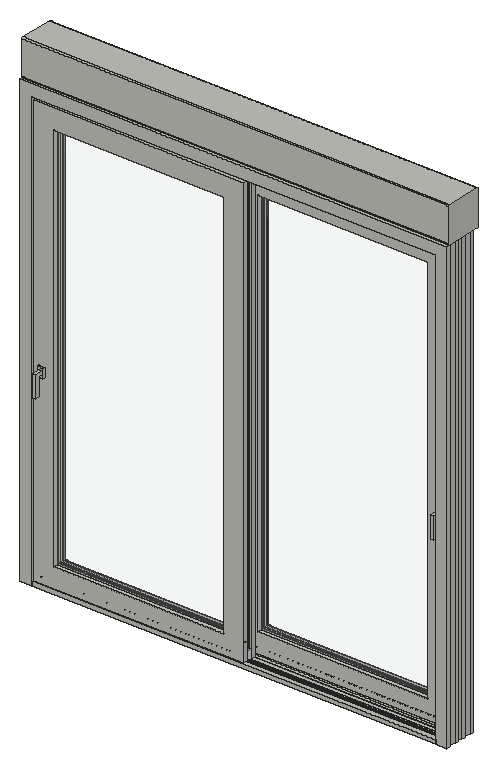
Revit family "2021_ES_Ventana_Replus_RE167-PVC-500_2H_cajón persiana", category Ventanas, Revit 2021
Family settings
  Anfitrión = Muro
  Número OmniClass = 23.30.20.00
  Título OmniClass = Windows
  Siempre vertical = Sí
  Corte con vacíos al cargar = No
  Compartido = No
  Punto de cálculo de habitación = No
Parameters (values of type "RE 167/PVC/500")
  Zona = ""
  Vida Util Esperada = ""
  Version Estandar GDO-BIM = "GDO-BIM V02"  # constant formula
  Version = "RVT2021"  # constant formula
  Verano de transmitancia termica = 0
  Unidad Medicion = ""
  Unidad = ""
  Uniclass2015 Titulo = ""
  Uniclass2015 Codigo = ""
  URL de Declaracion de Prestaciones = ""
  URL Producto = "https://replus.es/bim/"
  URL Perfil BIM = "https://bimetica.com/es/objeto-bim-replus-ventana-re167-pvc-500-2-hojas-correras-cajon-persiana-11120.html"
  URL = "https://replus.es/"
  UNSPSC Titulo = "Windows"
  UNSPSC Codigo = "30171600"
  Transmitancia termica invierno = 0
  Transmitancia solar = 0
  Transmitancia de ganancia de calor solar = 0
  Transmision de luz visible = 0
  Titular = "Regicarp, S.L."  # constant formula
  Tipo Embalaje Proteccion = ""
  Tiene antepecho interno = yes
  Tiene antepecho externo = yes
  Tiempo Util De Vida = ""
  Tiempo Medio Entre Fallos = ""
  Telefono Contacto = "+34 966544310"  # constant formula
  Soporte tecnico BIM = "https://bimsupport.info/es/fabricantes/regicarp-replus-bim/"
  Sistema = ""
  Serie = ""
  Salida de incendios = yes
  Responsable Seguridad = ""
  Responsable Prescripcion = ""
  Responsable Compra = ""
  Residuos Peligrosos por Unidad = 0
  Residuos No Peligrosos por Unidad = 0
  Residuo Radioactivo por Unidad = 0
  Residuo Inerte por Unidad = 0
  Reflectancia solar = 0
  Reflectancia de luz visible = 0
  Referencia Unidad Funcional = ""
  Referencia Lote = ""
  Referencia Contacto Soporte Tecnico = ""
  Referencia Contacto Comercial Venta = ""
  Referencia = "RE 167/PVC/500"
  Punto de Contacto = ""
  Proteccion con Malla = yes
  Profundidad = 0 mm
  Plataforma descaga contenido BIM = "www.bimetica.com"
  Peso = 0.00 kg
  Periodo Garantia = ""
  Partida URL = ""
  Pais de Venta = ""
  Omniclass Titulo = "Plastic Windows"
  Omniclass Codigo = "23-17 13 17"
  Numero de Licencia = "XXXXXXXXXX9500"  # constant formula
  Numero de Declaracion de Prestaciones = ""
  Numero Serie = ""
  Numero Articulo Global Comercial = ""
  Numero Articulo = ""
  Nivel de Riesgo = ""
  Material Vidrio = Glass - Replus
  Material Envoltura = ""
  Material Contenedor = ""
  Material = PVC - Replus - 9152 - White
  Masterformat Titulo = "Plastic Windows"
  Masterformat Codigo = "08 53 00"
  Marcado CE = yes
  Mantenimiento = ""
  Lugar Ensamblaje = ""
  Instrucciones Especiales = ""
  Informacion Tecnica = ""
  Infiltracion = 0
  IfcExportType = "Oscilobatiente"
  IfcExportAs = "IfcWindow"
  Identificador Garantia = ""
  Historial = "(RVT2021) Creacion de Elemento."  # constant formula
  Gubimclass Titulo = "Ventanas de fachadas"
  Gubimclass Codigo = "30.10.20.10"
  Grosor Marco = 60 mm  # constant formula
  Gas de Relleno = ""
  Garantia Extendida = yes
  Fuente Datos LCA = ""
  Fraccion del area de acristalamiento = 0
  Formacion Fotoquimica Ozono por Unidad = 0
  Fecha Vencimiento Elemento BIM = ""
  Fecha Suministro = ""
  Fecha Inicio Garantia = ""
  Fecha Fin Garantia = ""
  Fecha Evaluacion = ""
  Fecha Emision Elemento BIM = ""
  Fecha Compra = ""
  Fecha Colocacion = ""
  Fase Ciclo Vida = ""
  Falta de Recursos por Unidad = 0
  Fabricante = "Replus"
  Exclusiones = ""
  Eutrofizacion por Unidad = 0
  Etiqueta Modelo = ""
  Estandar seguridad = ""
  Espesor de vidrio 3 = 0 mm
  Espesor de vidrio 2 = 0 mm
  Espesor de vidrio 1 = 0 mm
  Espacio libre acceso = 0 mm
  Espacio = ""
  Es templado = yes
  Es recubierto = yes
  Es laminado = yes
  Es Motorizada = yes
  Es Exterior = yes
  Es Accesible = yes
  Energia consumida = 0
  Energia Renovable Consumida por Unidad = 0
  Energia Primaria Total Consumida por Unidad = 0
  Energia No Renovable Consumida por Unidad = 0
  Email Contacto = "info@replus.es"  # constant formula
  Destruccion Capa Ozono Estratosferica por Unidad = 0
  Desfase Interior = 0 mm
  Desfase Exterior = 167 mm
  Descripcion Evaluacion = ""
  Dependiente De = ""
  Definir propiedades térmicas por = Tipo esquemático
  Declaracion Ambiental de Producto URL = ""
  Código de montaje = "B2020100"
  Creditos LEED = ""
  Creditos BREEAM = ""
  Coste Mantenimiento = 0
  Cortahumos = yes
  Contenido Garantia = ""
  Contacto = ""
  Construcción analítica = "<Ninguno>"
  Condiciones de Venta = ""
  Condiciones Evaluacion = ""
  Color de vidrio = ""
  Coeficiente de sombreado = 0
  Codigo Barras = ""
  Codigo = ""
  Clasificacion higrotermica = ""
  Clasificacion de seguridad = ""
  Clasificacion de estanqueidad al agua = ""
  Clasificacion de carga mecanica = ""
  Clasificacion de carga de viento = ""
  Cierre automatico = yes
  Capas de vidrio = 0
  Cambio Climatico por Unidad = 0
  Calificacion de durabilidad = ""
  COBie Categoria = "IfcWindow"
  Base Precio Producto 03 = ""
  Base Precio Producto 02 = ""
  Base Precio Producto 01 = ""
  Autor = "Bimetica Parametric Design Services S.L."  # constant formula
  Ano Produccion = ""
  Anchura hoja = (Anchura - (2 mm * 73)) / 2 + 52.5 mm  # 1079.5 mm
  Rough Width = Anchura  # 2200 mm
  Altura ventana = Height - 185 mm  # 2315 mm
  Altura minima requerida = 0 mm
  Altura manilla = 1003.594 mm
  Altura hoja = Altura ventana - 25 mm - 73 mm  # 2217 mm
  Rough Height = Height  # 2500 mm
  Height = 2500 mm
  Default Sill Height = 0 mm
  Cierre de muro = Por anfitrión
  Anchura = 2200 mm
  Agua Consumida por Unidad = 0
  Acidificacion Atmosferica por Unidad = 0
  Acabado = ""
  Absorcion solar = 0
Reference planes
  plane 1 "Center (Front/Back)": y = 0
  plane 2 "Center (Left/Right)": x = 0
  plane 3 "Left": x = -1100
  plane 4 "Derecha": x = 1100
  plane 5 "Antepecho": z = 0
  plane 6 "Cabecera": z = 2315
  plane 7 "Exterior": y = 67
  plane 8 "Interior": y = -100
  plane 9 "Ventana": y = -100
  plane 10 "Centro (Alzado)": z = 1157.5
  plane 11 "Marco Derecha": x = 1040
  plane 12 "Marco Izquierda": x = -1040
  plane 13 "Marco Cabecera": z = 2255
  plane 14: z = 25
  plane 15: x = -1027
  plane 16: x = 1027
  plane 17: z = 2270
  plane 18: x = -53.5
  plane 19: x = 53.5
  plane 20: x = -486.75
  plane 21: x = 486.75
  plane 22: y = -64
  plane 23: y = 31
  plane 24: z = 1003.594
  plane 25: x = 1079.155
  plane 26: x = 986
  plane 27: x = -987
  plane 28: z = 2500
  plane 29: y = 97
Lines and regions (mm)
  Opening 1
    outline origin (3500, -100, 0) x (1, 0, 0) y (0, 0, 1)
      loop
        line (-2400, 0) -> (-2400, 2500) -> (-4600, 2500) -> (-4600, 0) -> (-2400, 0)
Text (mm)
  text "EXTERIOR" at (-1963.203, 1332.353, 0), in view "Ref. Level"
  text "INTERIOR" at (-1981.466, -818.386, 0), in view "Ref. Level"
  text "Exterior" at (0, 923.751, 2943.296), in view "Right"
  text "Exterior" at (0, 1040.484, 2685.409), in view "Left"
Dimensions and locks
  equal spacing: plane 3 "Left", plane 2 "Center (Left/Right)", plane 4 "Derecha"
  "Anchura": plane 3 "Left" to plane 4 "Derecha"
  plane 5 "Antepecho" to plane 28 = 2500 mm
  "Default Sill Height": plane 5 "Antepecho" to level
  "Desfase Exterior": plane 8 "Interior" to plane 7 "Exterior"
  "Desfase Interior": plane 8 "Interior" to host wall
  equal spacing: plane 5 "Antepecho", plane 10 "Centro (Alzado)", plane 6 "Cabecera"
  equal spacing: Opening 1 sketch curve, plane 2 "Center (Left/Right)", Opening 1 sketch curve
  "Rough Width": Opening 1 sketch curve to Opening 1 sketch curve
  equal spacing: Opening 1 sketch curve, plane 10 "Centro (Alzado)", Opening 1 sketch curve
  "Grosor Marco": plane 11 "Marco Derecha" to plane 4 "Derecha"
  "Grosor Marco": plane 3 "Left" to plane 12 "Marco Izquierda"
  "Grosor Marco": plane 13 "Marco Cabecera" to plane 6 "Cabecera"
  locked: plane 7 "Exterior" to plane 9 "Ventana" at 167
  locked: plane 5 "Antepecho" to plane 14 at 25
  locked: plane 17 to plane 6 "Cabecera" at 45
  equal spacing: plane 19, plane 2 "Center (Left/Right)", plane 18
  plane 19 to plane 2 "Center (Left/Right)" = 53.5 mm
  equal spacing: plane 19, plane 20, plane 15
  equal spacing: plane 16, plane 21, plane 18
  locked: plane 22 to plane 9 "Ventana" at 36
  locked: plane 23 to plane 7 "Exterior" at 36
  locked: plane 15 to plane 12 "Marco Izquierda" at 13
  locked: plane 16 to plane 11 "Marco Derecha" at 13
  "Altura manilla": plane 5 "Antepecho" to plane 24
  locked: plane 16 to plane 26 at 41
  locked: plane 27 to plane 15 at 40
  locked: plane 28 to plane 6 "Cabecera" at 185
  locked: plane 7 "Exterior" to plane 29 at 30
  "Height": plane 28 to plane 5 "Antepecho"
  aligned and locked: plane 9 "Ventana" to nested 1
  aligned and locked: plane 2 "Center (Left/Right)" to nested 1
  aligned and locked: plane 21 to nested 3
  aligned and locked: nested 2 to plane 22
  aligned and locked: plane 23 to nested 3
  aligned and locked: nested 2 to plane 14
  aligned and locked: plane 20 to nested 2
  aligned and locked: nested 3 to plane 14
  aligned and locked: plane 5 "Antepecho" to nested 1
  aligned and locked: plane 26 to nested 5
  aligned and locked: nested 5 to plane 24
  aligned and locked: nested 4 to plane 27
  aligned and locked: nested 4 to plane 24
  aligned and locked: nested 7 to plane 10 "Centro (Alzado)"
  aligned and locked: plane 20 to nested 7
  aligned and locked: plane 21 to nested 6
  aligned and locked: plane 10 "Centro (Alzado)" to nested 6
  aligned and locked: nested 8 to plane 4 "Derecha"
  aligned and locked: plane 28 to nested 8
  aligned and locked: plane 29 to nested 8
  aligned and locked: plane 5 "Antepecho" to Opening 1 sketch curve
  aligned and locked: Opening 1 sketch curve to plane 28
Nested families
  nested 1: "Marco RE167-PVC-500" at (0, -100, 0) x (-1, 0, 0) z (0, 0, 1), type "Marco RE167-PVC-500"
    with Anchura 2200 mm, Height 2315 mm
  nested 2: "Hoja RE167-PVC-500" at (-486.75, -64, 25), type "Hoja RE70-PVC-100"
  nested 3: "Hoja RE167-PVC-500" at (486.75, 31, 25), type "Hoja RE70-PVC-100"
  nested 4: "Handle" at (-987, -99, 1003.594) x (1, 0, 0) z (0, -1, 0), type "Handle"
  nested 5: "Handle" at (986, -4, 1003.594) x (1, 0, 0) z (0, -1, 0), type "Handle"
  nested 6: "Flecha_apertura" at (486.75, -100, 1157.5) x (1, 0, 0) z (0, -1, 0), type "Flecha_apertura"
  nested 7: "Flecha_apertura" at (-486.75, -100, 1157.5) x (-1, 0, 0) z (0, -1, 0), type "Flecha_apertura"
  nested 8: "Shutter Box - Replus" at (0, 4.5, 2315), type "Shutter Box - Replus"
    with Width 2200 mm
Definition of nested family "Marco RE167-PVC-500"
  Parameters (values of type "Marco RE167-PVC-500")
    Default Elevation = 0 mm
    Define Thermal Properties by = 1
    Analytic Construction = "<Ninguno>"
    Width = 2500 mm
    Height = 2200 mm
    AcabadoMarco = none
  Reference planes
    plane 1 "Centro (Frontal/Posterior)": y = 0
    plane 2: z = 0
    plane 3 "Centro (Izquierda/Derecha)": x = 0
    plane 4: x = -1250
    plane 5: x = 1250
    plane 6: z = 2200
    plane 7: x = -1190
    plane 8: x = 1190
    plane 9: z = 2146
  Forms (mm)
    Sweep 1, solid, material <- "AcabadoMarco", detail levels medium+fine
      path origin (0, 0, 0) x (1, 0, 0) y (0, 0, 1)
        loop
          line (-1250, 0) -> (-1250, 2200) -> (1250, 2200) -> (1250, 0)
      profile origin (0, 0, 2200) x (0, 0, 1) y (0, -1, 0)
        loop
          line (0, 0) -> (0, 15.2) -> (-7.001, 15.2) -> (-7.001, 54.8) -> (0, 54.8) -> (0, 70) -> (-7.001, 70) -> (-7.001, 97) -> (0, 97) -> (0, 112.2) -> (-7.001, 112.2) -> (-7.001, 151.8) -> (0, 151.8) -> (0, 166.997) -> (-60.01, 166.997) -> (-60.01, 140.846) -> (-70.839, 140.846) -> (-72.802, 144.246) -> (-77.002, 144.246) -> (-77.002, 117.746) -> (-72.802, 117.746) -> (-70.839, 121.146) -> (-60.01, 121.146) -> (-60.01, 45.851) -> (-70.839, 45.851) -> (-72.802, 49.251) -> (-77.002, 49.251) -> (-77.002, 22.751) -> (-72.802, 22.751) -> (-70.839, 26.151) -> (-60.01, 26.151) -> (-60.01, 0) -> (0, 0)
    Sweep 2, solid, material <- "AcabadoMarco", detail levels medium+fine
      path origin (0, 0, 0) x (1, 0, 0) y (0, 0, 1)
        loop
          line (-1190, 0) -> (1190, 0)
      profile origin (0, 0, 0) x (0, 0, 1) y (0, -1, 0)
        loop
          line (20, 0) -> (20, 24.919) -> (22, 26.074)
          arc (22, 26.074) -> (23.098, 27.172) -> (23.5, 28.672) r 3
          line (23.5, 28.672) -> (23.75, 33.419) -> (27.486, 33.419)
          arc (27.486, 33.419) -> (29.986, 35.919) -> (27.486, 38.419) r 2.5
          line (27.486, 38.419) -> (23.5, 38.419) -> (23.5, 43.167)
          arc (23.5, 43.167) -> (23.098, 44.667) -> (22, 45.765) r 3
          line (22, 45.765) -> (20, 46.919) -> (20, 70.919) -> (9.36, 70.919) -> (10.322, 88.812) -> (20, 94.4) -> (20, 119.992) -> (22.014, 121.154)
          arc (22.014, 121.154) -> (23.112, 122.252) -> (23.514, 123.752) r 3
          line (23.514, 123.752) -> (23.764, 128.5) -> (27.5, 128.5)
          arc (27.5, 128.5) -> (30, 131) -> (27.5, 133.5) r 2.5
          line (27.5, 133.5) -> (23.514, 133.5) -> (23.514, 138.247)
          arc (23.514, 138.247) -> (23.112, 139.747) -> (22.014, 140.845) r 3
          line (22.014, 140.845) -> (20, 142.008) -> (20, 167) -> (0, 167) -> (0, 0) -> (20, 0)
    Sweep 3, solid, material <- "AcabadoMarco", detail levels coarse
      path origin (0, 0, 0) x (1, 0, 0) y (0, 0, 1)
        loop
          line (-1250, 0) -> (-1250, 2200) -> (1250, 2200) -> (1250, 0)
      profile origin (0, 0, 2200) x (0, 0, 1) y (0, -1, 0)
        loop
          line (0, 0) -> (0, 166.997) -> (-73, 166.997) -> (-73, 0) -> (0, 0)
    Sweep 4, solid, material <- "AcabadoMarco", detail levels coarse
      path origin (0, 0, 0) x (1, 0, 0) y (0, 0, 1)
        loop
          line (-1190, 0) -> (1190, 0)
      profile origin (0, 0, 0) x (0, 0, 1) y (0, -1, 0)
        loop
          line (0, 0) -> (25, 0) -> (25, 167) -> (0, 167) -> (0, 0)
  Cuts and joins
    joined: Sweep 3, Sweep 4
  Dimensions and locks
    equal spacing: plane 5, plane 3 "Centro (Izquierda/Derecha)", plane 4
    "Width": plane 5 to plane 4
    "Height": plane 6 to plane 2
    locked: plane 7 to plane 4 at 60
    locked: plane 5 to plane 8 at 60
    locked: plane 6 to plane 9 at 54
    Sweep 1 to Sweep 1 = 166.997 mm
    aligned and locked: level to plane 2
    aligned and locked: plane 4 to Sweep 1 sketch curve
    aligned and locked: Sweep 1 sketch curve to plane 6
    aligned and locked: Sweep 1 sketch curve to plane 5
    aligned and locked: Sweep 2 sketch curve to plane 2
    aligned and locked: plane 7 to Sweep 2 sketch curve
    aligned and locked: plane 8 to Sweep 2 sketch curve
    aligned and locked: Sweep 3 sketch curve to plane 5
    aligned and locked: Sweep 3 sketch curve to plane 6
    aligned and locked: plane 4 to Sweep 3 sketch curve
    aligned and locked: Sweep 4 sketch curve to plane 2
    aligned and locked: plane 7 to Sweep 4 sketch curve
    aligned and locked: plane 8 to Sweep 4 sketch curve
  Automatic sketch dimensions
    Sweep 1 sketch curve to level = 0 mm  (x2)
    profile plane to Sweep 2 sketch curve = 0 mm
    Sweep 2 sketch curve to plane 1 "Centro (Frontal/Posterior)" = 0 mm
    Sweep 2 sketch curve to profile plane = 20 mm  (x3)
    Sweep 2 sketch curve to profile plane = 9.36 mm
    Sweep 2 sketch curve to profile plane = 10.322 mm
    Sweep 2 sketch curve to Sweep 2 sketch curve = 0.5 mm  (x2)
    Sweep 2 sketch curve to Sweep 2 sketch curve = 0.514 mm  (x2)
    Sweep 2 sketch curve to Sweep 2 sketch curve = 2 mm  (x2)
    Sweep 2 sketch curve to Sweep 2 sketch curve = 2.014 mm  (x2)
    Sweep 2 sketch curve to Sweep 2 sketch curve = 3 mm  (x4)
    Sweep 2 sketch curve to Sweep 2 sketch curve = 0.25 mm  (x2)
    Sweep 2 sketch curve to Sweep 2 sketch curve = 3.986 mm
    Sweep 2 sketch curve to Sweep 2 sketch curve = 3.736 mm
    Sweep 2 sketch curve to Sweep 2 sketch curve = 1.155 mm  (x2)
    Sweep 2 sketch curve to Sweep 2 sketch curve = 4.747 mm  (x4)
    Sweep 2 sketch curve to Sweep 2 sketch curve = 2.5 mm  (x2)
    Sweep 2 sketch curve to Sweep 2 sketch curve = 24 mm
    Sweep 2 sketch curve to Sweep 2 sketch curve = 17.893 mm
    Sweep 2 sketch curve to Sweep 2 sketch curve = 5.588 mm
    Sweep 2 sketch curve to Sweep 2 sketch curve = 25.592 mm
    Sweep 2 sketch curve to Sweep 2 sketch curve = 1.163 mm  (x2)
    Sweep 2 sketch curve to Sweep 2 sketch curve = 24.992 mm
    Sweep 1 sketch curve to plane 1 "Centro (Frontal/Posterior)" = 0 mm
    profile plane to Sweep 1 sketch curve = 0 mm  (x4)
    profile plane to Sweep 1 sketch curve = 7.001 mm  (x3)
    Sweep 1 sketch curve to Sweep 1 sketch curve = 53.009 mm
    Sweep 1 sketch curve to Sweep 1 sketch curve = 10.829 mm  (x3)
    Sweep 1 sketch curve to Sweep 1 sketch curve = 1.963 mm  (x4)
    plane 1 "Centro (Frontal/Posterior)" to Sweep 1 sketch curve = 22.751 mm
    Sweep 1 sketch curve to Sweep 1 sketch curve = 4.2 mm  (x4)
    plane 1 "Centro (Frontal/Posterior)" to Sweep 1 sketch curve = 15.2 mm
    Sweep 1 sketch curve to Sweep 1 sketch curve = 3.4 mm  (x4)
    Sweep 1 sketch curve to Sweep 1 sketch curve = 19.7 mm  (x2)
    Sweep 1 sketch curve to Sweep 1 sketch curve = 39.6 mm  (x2)
    Sweep 1 sketch curve to Sweep 1 sketch curve = 15.2 mm  (x2)
    Sweep 1 sketch curve to Sweep 1 sketch curve = 27 mm
    Sweep 1 sketch curve to Sweep 1 sketch curve = 15.197 mm
    Sweep 1 sketch curve to Sweep 1 sketch curve = 0 mm
    Sweep 1 sketch curve to Sweep 1 sketch curve = 71.896 mm
    Sweep 2 sketch curve to Sweep 2 sketch curve = 24.919 mm
    Sweep 2 sketch curve to Sweep 2 sketch curve = 7.486 mm
    Sweep 3 sketch curve to level = 0 mm  (x2)
    profile plane to Sweep 3 sketch curve = 0 mm
    Sweep 3 sketch curve to plane 1 "Centro (Frontal/Posterior)" = 0 mm
    profile plane to Sweep 3 sketch curve = 73 mm
    plane 1 "Centro (Frontal/Posterior)" to Sweep 3 sketch curve = 166.997 mm
    profile plane to Sweep 4 sketch curve = 0 mm
    Sweep 4 sketch curve to plane 1 "Centro (Frontal/Posterior)" = 0 mm
    Sweep 4 sketch curve to profile plane = 25 mm
    plane 1 "Centro (Frontal/Posterior)" to Sweep 4 sketch curve = 167 mm
Definition of nested family "Hoja RE167-PVC-500"
  Parameters (values of type "Hoja RE70-PVC-100")
    Marco = none
    Default Elevation = 0 mm
    Define Thermal Properties by = 1
    Analytic Construction = "<Ninguno>"
    Width = 1079.5 mm
    Height = 2217 mm
    AcabadoVidrio = none
  Reference planes
    plane 1 "Centro (Frontal/Posterior)": y = 0
    plane 2: z = 0
    plane 3 "Centro (Izquierda/Derecha)": x = 0
    plane 4: x = -539.75
    plane 5: x = 539.75
    plane 6: z = 2217
    plane 7: z = 87
    plane 8: z = 2130
    plane 9: x = -452.75
    plane 10: x = 452.75
    plane 11: y = 25
    plane 12: y = -15
    plane 13: z = 17.5
    plane 14: y = -9
    plane 15: y = 19
    plane 16: z = 2199
    plane 17: y = -35
    plane 18: y = 35
    plane 19: y = 5
  Forms (mm)
    Sweep 1, solid, material <- "Marco", detail levels medium+fine
      path origin (0, 0, 0) x (1, 0, 0) y (0, 0, 1)
        loop
          line (-539.75, 2217) -> (-539.75, 0) -> (539.75, 0) -> (539.75, 2217) -> (-539.75, 2217)
      profile origin (0, 0, 2217) x (0, 0, 1) y (0, -1, 0)
        loop
          line (0, 35) -> (-101.135, 35) -> (-105.154, 20) -> (-77, 20) -> (-77, -21.493) -> (-82, -21.493) -> (-82, -26.157) -> (-75, -26.157) -> (-75, -30.381) -> (-82, -30.381) -> (-82, -35) -> (0, -35) -> (0, -14.5) -> (-14, -14.5) -> (-14, -11) -> (-46.7, -11) -> (-46.7, 11) -> (-14, 11) -> (-14, 14.5) -> (0, 14.5) -> (0, 35)
    Sweep 2, solid, material <- "Marco", detail levels medium+fine
      path origin (0, 0, 0) x (1, 0, 0) y (0, 0, 1)
        loop
          line (-539.75, 2217) -> (-539.75, 0) -> (539.75, 0) -> (539.75, 2217) -> (-539.75, 2217)
      profile origin (0, 0, 2217) x (0, 0, 1) y (0, -1, 0)
        loop
          line (-95.953, -35) -> (-83.5, -35) -> (-82, -33.5) -> (-82, -30.381) -> (-75, -30.381) -> (-75, -26.157) -> (-82, -26.157) -> (-92.5, -28) -> (-103.056, -28) -> (-102.852, -29.185)
          arc (-102.852, -29.185) -> (-100.464, -33.352) -> (-95.953, -35) r 7
    Extrusion 3, solid, material <- "AcabadoVidrio"
      sketch origin (0, 0, 0) x (1, 0, 0) y (0, 0, 1)
        loop
          line (-452.75, 2130) -> (-452.75, 87) -> (452.75, 87) -> (452.75, 2130) -> (-452.75, 2130)
      from -25 to 15
    Sweep 4, solid, detail levels medium+fine
      path origin (0, 0, 0) x (1, 0, 0) y (0, 0, 1)
        loop
          line (-539.75, 17.5) -> (539.75, 17.5)
      profile origin (0, 0, 17.5) x (0, 0, 1) y (0, -1, 0)
        loop
          line (-8.5, 9.325) -> (-8.5, 6) -> (-14.875, 6) -> (-14.875, 2.512)
          arc (-14.875, 2.512) -> (-12.362, 0) -> (-14.875, -2.512) r 2.512
          line (-14.875, -2.512) -> (-14.875, -6) -> (-8.5, -6) -> (-8.5, -9.5) -> (29.5, -9.5) -> (29.5, 9.325) -> (-8.5, 9.325)
    Sweep 5, solid, material <- "Marco", detail levels coarse
      path origin (0, 0, 0) x (1, 0, 0) y (0, 0, 1)
        loop
          line (-539.75, 2217) -> (-539.75, 0) -> (539.75, 0) -> (539.75, 2217) -> (-539.75, 2217)
      profile origin (0, 0, 2217) x (0, 0, 1) y (0, -1, 0)
        loop
          line (0, 35) -> (-101.135, 35) -> (-106.494, 15) -> (-77, 15) -> (-77, -25) -> (-103.815, -25) -> (-101.135, -35) -> (0, -35) -> (0, 35)
  Lines and regions (mm)
    symbolic lines, detail levels fine
      curve 1: line (-452.75, -9, 0) -> (452.75, -9, 0)
      curve 2: line (452.75, 19, 0) -> (-452.75, 19, 0)
      curve 3: line (-452.75, 8, 0) -> (452.75, 8, 0)
      curve 4: line (-452.75, 2, 0) -> (452.75, 2, 0)
      curve 5: line (0, -9, 87) -> (0, -9, 2130)
      curve 6: line (0, 19, 87) -> (0, 19, 2130)
  Dimensions and locks
    equal spacing: plane 5, plane 3 "Centro (Izquierda/Derecha)", plane 4
    "Height": plane 6 to plane 2
    "Width": plane 5 to plane 4
    plane 7 to plane 2 = 87 mm
    locked: plane 6 to plane 8 at 87
    locked: plane 9 to plane 4 at 87
    locked: plane 7 to plane 2 at 87
    locked: plane 5 to plane 10 at 87
    locked: plane 12 to plane 11 at 40
    locked: plane 13 to plane 2 at 17.5
    locked: plane 6 to plane 16 at 18
    locked: plane 11 to plane 15 at 6
    locked: plane 12 to plane 14 at 6
    plane 18 to plane 1 "Centro (Frontal/Posterior)" to plane 17 = 35 mm, 35 mm
    locked: plane 12 to plane 17 at 20
    plane 12 to plane 19 to plane 11 = 20 mm, 20 mm
    locked: curve 4 to plane 19 at 3
    locked: curve 4 to curve 3 at 6
    aligned and locked: level to plane 2
    aligned and locked: plane 6 to Sweep 1 sketch curve
    aligned and locked: plane 4 to Sweep 1 sketch curve
    aligned and locked: plane 2 to Sweep 1 sketch curve
    aligned and locked: Sweep 1 sketch curve to plane 5
    aligned and locked: plane 2 to Sweep 2 sketch curve
    aligned and locked: plane 4 to Sweep 2 sketch curve
    aligned and locked: plane 6 to Sweep 2 sketch curve
    aligned and locked: Sweep 2 sketch curve to plane 5
    aligned and locked: Extrusion 3 sketch curve to plane 8
    aligned and locked: plane 9 to Extrusion 3 sketch curve
    aligned and locked: plane 7 to Extrusion 3 sketch curve
    aligned and locked: Extrusion 3 sketch curve to plane 10
    aligned and locked: plane 11 to Extrusion 3
    aligned and locked: plane 12 to Extrusion 3
    aligned and locked: plane 4 to Sweep 4 sketch curve
    aligned and locked: plane 5 to Sweep 4 sketch curve
    aligned and locked: plane 13 to Sweep 4 sketch curve
    aligned and locked: curve 1 to plane 14
    aligned and locked: curve 2 to plane 15
    aligned and locked: plane 9 to curve 2
    aligned and locked: plane 9 to curve 1
    aligned and locked: plane 10 to curve 1
    aligned and locked: plane 10 to curve 2
    aligned and locked: Sweep 5 sketch curve to plane 5
    aligned and locked: plane 6 to Sweep 5 sketch curve
    aligned and locked: plane 4 to Sweep 5 sketch curve
    aligned and locked: plane 2 to Sweep 5 sketch curve
    aligned and locked: plane 8 to curve 5
    aligned and locked: plane 14 to curve 5
    aligned and locked: curve 6 to plane 15
    aligned and locked: plane 7 to curve 5
    aligned and locked: plane 7 to curve 6
    aligned and locked: Sweep 5 sketch curve to plane 11
    aligned and locked: plane 12 to Sweep 5 sketch curve
  Automatic sketch dimensions
    Sweep 4 sketch curve to plane 1 "Centro (Frontal/Posterior)" = 6 mm
    profile plane to Sweep 4 sketch curve = 14.875 mm
    Sweep 4 sketch curve to Sweep 4 sketch curve = 6.375 mm  (x2)
    Sweep 4 sketch curve to plane 1 "Centro (Frontal/Posterior)" = 9.5 mm
    Sweep 4 sketch curve to plane 1 "Centro (Frontal/Posterior)" = 2.512 mm
    Sweep 4 sketch curve to plane 1 "Centro (Frontal/Posterior)" = 0 mm
    Sweep 4 sketch curve to Sweep 4 sketch curve = 3.488 mm
    plane 1 "Centro (Frontal/Posterior)" to Sweep 4 sketch curve = 9.325 mm
    Sweep 4 sketch curve to profile plane = 29.5 mm
    curve 4 to plane 9 = 0 mm
    curve 3 to plane 9 = 0 mm
    curve 3 to plane 10 = 0 mm
    curve 4 to plane 10 = 0 mm
    profile plane to Sweep 1 sketch curve = 0 mm  (x2)
    profile plane to Sweep 1 sketch curve = 14 mm  (x2)
    plane 1 "Centro (Frontal/Posterior)" to Sweep 1 sketch curve = 11 mm
    Sweep 1 sketch curve to Sweep 1 sketch curve = 32.7 mm
    Sweep 1 sketch curve to Sweep 1 sketch curve = 28.3 mm
    Sweep 1 sketch curve to Sweep 1 sketch curve = 30.3 mm
    Sweep 1 sketch curve to Sweep 1 sketch curve = 5 mm
    Sweep 1 sketch curve to Sweep 1 sketch curve = 7 mm
    Sweep 1 sketch curve to Sweep 1 sketch curve = 24.135 mm
    plane 1 "Centro (Frontal/Posterior)" to Sweep 1 sketch curve = 20 mm
    Sweep 1 sketch curve to Sweep 1 sketch curve = 4.019 mm
    Sweep 1 sketch curve to plane 1 "Centro (Frontal/Posterior)" = 11 mm
    Sweep 1 sketch curve to Sweep 1 sketch curve = 3.5 mm  (x2)
    Sweep 1 sketch curve to plane 1 "Centro (Frontal/Posterior)" = 21.493 mm
    Sweep 1 sketch curve to Sweep 1 sketch curve = 4.664 mm
    Sweep 1 sketch curve to Sweep 1 sketch curve = 4.224 mm
    Sweep 1 sketch curve to Sweep 1 sketch curve = 20.5 mm  (x2)
    profile plane to Sweep 2 sketch curve = 103.056 mm
    Sweep 2 sketch curve to plane 1 "Centro (Frontal/Posterior)" = 29.185 mm
    Sweep 2 sketch curve to Sweep 2 sketch curve = 0.204 mm
    Sweep 2 sketch curve to Sweep 2 sketch curve = 6.899 mm
    Sweep 2 sketch curve to Sweep 2 sketch curve = 3.453 mm
    Sweep 2 sketch curve to Sweep 2 sketch curve = 9 mm
    Sweep 2 sketch curve to Sweep 2 sketch curve = 1.5 mm
    Sweep 2 sketch curve to Sweep 2 sketch curve = 7 mm  (x2)
    Sweep 2 sketch curve to Sweep 2 sketch curve = 2.381 mm
    Sweep 2 sketch curve to Sweep 2 sketch curve = 3.119 mm
    Sweep 2 sketch curve to Sweep 2 sketch curve = 4.224 mm
    Sweep 2 sketch curve to plane 1 "Centro (Frontal/Posterior)" = 26.157 mm
    Sweep 2 sketch curve to Sweep 2 sketch curve = 0 mm
    profile plane to Sweep 5 sketch curve = 0 mm
    plane 1 "Centro (Frontal/Posterior)" to Sweep 5 sketch curve = 35 mm
    Sweep 5 sketch curve to Sweep 5 sketch curve = 24.135 mm  (x2)
    Sweep 5 sketch curve to Sweep 5 sketch curve = 5.359 mm
    Sweep 5 sketch curve to plane 1 "Centro (Frontal/Posterior)" = 35 mm
    Sweep 5 sketch curve to Sweep 5 sketch curve = 2.68 mm
    profile plane to Sweep 5 sketch curve = 77 mm
    curve 6 to plane 8 = 0 mm
Definition of nested family "Handle"
  Parameters (values of type "Handle")
    Material = none
    Default Elevation = 1219.2 mm
  Reference planes
    plane 1 "Centre (avant/arrière)": y = 0
    plane 2: z = 0
    plane 3 "Centre (gauche/droite)": x = 0
    plane 4: z = 40
    plane 5: y = -100
    plane 6 "Plaque": z = 10
    plane 7: x = -6
  Forms (mm)
    Extrusion 1, solid
      sketch origin (0, 0, 0) x (1, 0, 0) y (0, 1, 0)
        loop
          line (-1219.2, 1219.2) -> (-1219.2, -1219.2) -> (1219.2, -1219.2) -> (1219.2, 1219.2) -> (-1219.2, 1219.2)
      from 0 to -304.8
    Extrusion 2, solid, material <- "Material"
      sketch origin (0, 0, 0) x (1, 0, 0) y (0, 1, 0)
        loop
          line (-14.231, 24.783) -> (-14.231, -24.783) -> (14.231, -24.783) -> (14.231, 24.783) -> (-14.231, 24.783)
      from 0 to 10
    Sweep 3, solid, material <- "Material"
      path origin (0, 0, 0) x (0, 1, 0) y (0, 0, 1)
        loop
          line (0, 10) -> (0, 40) -> (-100, 40)
      profile origin (0, 0, 25) x (0, -1, 0) y (1, 0, 0)
        loop
          line (10, -6) -> (10, 6) -> (-10, 6) -> (-10, -6) -> (10, -6)
  Dimensions and locks
    plane 4 to plane 2 = 40 mm
    plane 5 to plane 1 "Centre (avant/arrière)" = 100 mm
    equal spacing: Extrusion 2 sketch curve, plane 3 "Centre (gauche/droite)", Extrusion 2 sketch curve
    equal spacing: Extrusion 2 sketch curve, plane 1 "Centre (avant/arrière)", Extrusion 2 sketch curve
    Extrusion 2 sketch curve to Extrusion 2 sketch curve = 28.462 mm
    Extrusion 2 sketch curve to Extrusion 2 sketch curve = 49.566 mm
    locked: plane 7 to plane 3 "Centre (gauche/droite)" at 6
    aligned and locked: plane 2 to Extrusion 1
    aligned and locked: level to Extrusion 1
    aligned and locked: plane 6 "Plaque" to Extrusion 2
    aligned and locked: plane 6 "Plaque" to Sweep 3 sketch curve
    aligned and locked: plane 5 to Sweep 3 sketch curve
    aligned and locked: Sweep 3 sketch curve to plane 4
    aligned and locked: Sweep 3 sketch curve to plane 1 "Centre (avant/arrière)"
Definition of nested family "Shutter Box - Replus"
  Parameters (values of type "Shutter Box - Replus")
    Width = 1500 mm
    Shutter Box Material = none
    Default Elevation = 0 mm
  Reference planes
    plane 1 "Center (Front/Back)": y = 0
    plane 2: z = 0
    plane 3 "Center (Left/Right)": x = 0
    plane 4: x = -750
    plane 5: x = 750
  Forms (mm)
    Sweep 1, solid, material <- "Shutter Box Material", detail levels fine
      path origin (0, 0, 0) x (1, 0, 0) y (0, 1, 0)
        loop
          line (-750, 0) -> (750, 0)
      profile origin (0, 0, 0) x (0, 1, 0) y (0, 0, 1)
        loop
          line (0, 0) -> (87.5, 0)
          arc (87.5, 0) -> (91.036, 1.464) -> (92.5, 5) r 5
          line (92.5, 5) -> (92.5, 180)
          arc (92.5, 180) -> (91.036, 183.536) -> (87.5, 185) r 5
          line (87.5, 185) -> (-87.5, 185)
          arc (-87.5, 185) -> (-91.036, 183.536) -> (-92.5, 180) r 5
          line (-92.5, 180) -> (-92.5, 5)
          arc (-92.5, 5) -> (-91.036, 1.464) -> (-87.5, 0) r 5
          line (-87.5, 0) -> (0, 0)
    Sweep 2, solid, material <- "Shutter Box Material", detail levels coarse+medium
      path origin (0, 0, 0) x (1, 0, 0) y (0, 1, 0)
        loop
          line (-750, 0) -> (750, 0)
      profile origin (0, 0, 0) x (0, 1, 0) y (0, 0, 1)
        loop
          line (92.5, 0) -> (92.5, 185) -> (-92.5, 185) -> (-92.5, 0) -> (92.5, 0)
  Dimensions and locks
    equal spacing: plane 4, plane 3 "Center (Left/Right)", plane 5
    "Width": plane 4 to plane 5
    aligned and locked: level to plane 2
    aligned and locked: plane 1 "Center (Front/Back)" to Sweep 1 sketch curve  (x2)
    aligned and locked: plane 4 to Sweep 1 sketch curve
    aligned and locked: plane 5 to Sweep 1 sketch curve
    aligned and locked: plane 1 "Center (Front/Back)" to Sweep 2 sketch curve  (x2)
    aligned and locked: plane 4 to Sweep 2 sketch curve
    aligned and locked: plane 5 to Sweep 2 sketch curve
  Automatic sketch dimensions
    Sweep 1 sketch curve to level = 0 mm
    Sweep 1 sketch curve to profile plane = 0 mm
    profile plane to Sweep 1 sketch curve = 87.5 mm  (x2)
    Sweep 1 sketch curve to Sweep 1 sketch curve = 5 mm
    Sweep 1 sketch curve to profile plane = 87.5 mm  (x2)
    level to Sweep 1 sketch curve = 5 mm
    Sweep 1 sketch curve to Sweep 1 sketch curve = 175 mm
    profile plane to Sweep 2 sketch curve = 92.5 mm
    Sweep 2 sketch curve to profile plane = 92.5 mm
    level to Sweep 2 sketch curve = 0 mm
    Sweep 2 sketch curve to Sweep 2 sketch curve = 185 mm
Definition of nested family "Flecha_apertura"
  Reference planes
    plane 1 "Centro (Frontal/Posterior)": y = 0
    plane 2: z = 0
    plane 3 "Centro (Izquierda/Derecha)": x = 0
  Lines and regions (mm)
    detail lines, in view "Nivel de referencia"
      curve 1: line (100, 0, 0) -> (-52.369, 0, 0)
      curve 2: line (-100, 0, 0) -> (-52.369, -27.5, 0)
      curve 3: line (-100, 0, 0) -> (-52.369, 27.5, 0)
      curve 4: line (-52.369, 27.5, 0) -> (-52.369, -27.5, 0)
